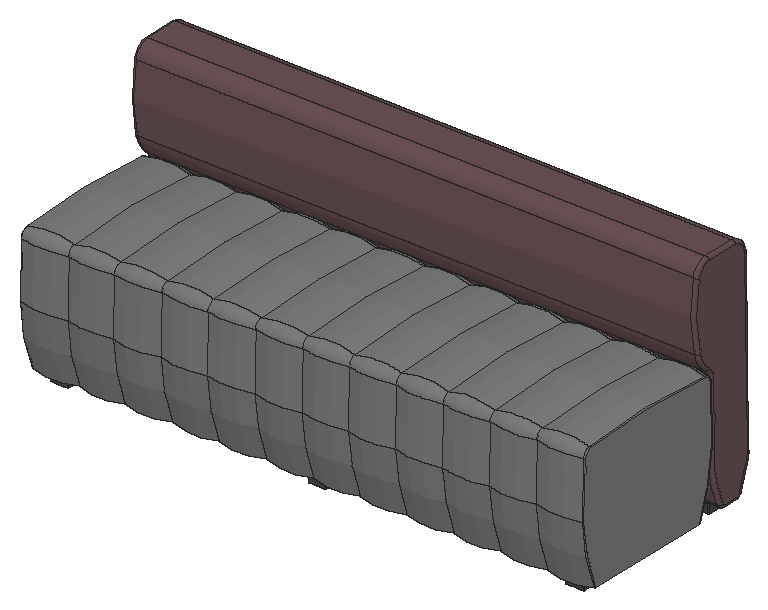
Revit family "Chair-Soft_Seating-Allermuir-Haven_Bench-HAB300B", category Furniture, Revit 2012
Parameters (values of type "HAB300B")
  ecoScorecard_data = "http://thesenatorgroup.ecoscorecard.com/product/HAB300B"
  ecoScorecard Product Page = "http://products.ecoscorecard.com/allermuir/HAB300B?action=html"
  Width = 0' - 0"
  Weight = 0.0 lbf
  Upholstered Seat = "No"
  Upholstered Back = "No"
  URL = "http://www.allermuir.net/Default.aspx"
  Subcategory = "Soft Seating"  # constant formula
  Stacks = no
  Specifications URL = ""
  Seat or Top = Fabric - Allermuir - Silcoates
  Product Page URL = "http://www.allermuir.net/Products.aspx?RangeId=495"
  Product Line = "Haven Bench"  # constant formula
  Pricing URL = ""
  Plugin Data URL = "http://products.ecoscorecard.com/thesenatorgroup/HAB300B"
  Plastic Arms in Black = "No"
  Model = "HAB300B"  # constant formula
  Manufacturer Phone - Toll Free = "(888) 887 5806"  # constant formula
  Manufacturer Phone = "(419) 887 5806"  # constant formula
  Manufacturer Fax = "(419) 887 5805"  # constant formula
  Manufacturer Email = "mailto:contact@allermuir-na.com"
  Manufacturer Address = "1630 Holland Road, Maumee, Ohio 43537 "  # constant formula
  Manufacturer = "Allermuir"  # constant formula
  LEED Stats URL = ""
  Height = 0' - 0"
  Fabric Spec Sheets = "http://www.allermuir.net/Services/File.ashx?Type=B&Id=51"
  Description = ""
  Depth = 0' - 0"
  Color Availability = "See price list for material options"  # constant formula
  CAD Blocks URL = ""
  Brochure URL = ""
  Base = Plastic - Allermuir - Black
  Back = Fabric - Allermuir - Upholstery - Velvet - Red 1
  Assembly Code = "E2020200"
  95 CSI = "12510"  # constant formula
  04 CSI = "12 51 00"  # constant formula
Reference planes
  plane 1 "Center Front/Back": y = 0
  plane 2: z = 0
  plane 3 "Center Left/Right": x = 0
  plane 4: y = 359.331
  plane 5: y = -323.637
  plane 6: z = 780.256
  plane 7: x = -912.479
  plane 8: x = 912.479
Dimensions and locks
  plane 4 to plane 5 = 2' - 2.88848"
  plane 6 to level = 2' - 6 23/32"  (x2)
  equal spacing: plane 7, plane 3 "Center Left/Right", plane 8
  plane 7 to plane 8 = 5' - 11.8487"
  aligned and locked: plane 3 "Center Left/Right" to nested 1
  aligned and locked: nested 1 to plane 4
  aligned and locked: plane 3 "Center Left/Right" to nested 2
  aligned and locked: plane 5 to nested 2
Nested families
  nested 1: "Back-Rest-HAB300B" at (0, 10.081, 0), type "HAB300B"
  nested 2: "HAB300B" at (0, -58.341, 0), type "HAB300B"
Definition of nested family "Back-Rest-HAB300B"
  Parameters (values of type "HAB300B")
    URL = ""
    Stand = Plastic - Allermuir - Black
    Model = ""
    Manufacturer = ""
    Description = ""
    Back Rest = Fabric - Allermuir - Upholstery - Velvet - Red 1
    Assembly Code = ""
  Reference planes
    plane 1 "Center Front/Back": y = 0
    plane 2: z = 0
    plane 3 "Center Left/Right": x = 0
    plane 4: z = 780.309
    plane 5: x = 726.514
    plane 6: x = -683.734
    plane 7: y = 349.25
    plane 8: y = -336.55
  Forms (mm)
    Sweep 1, solid, material "Fabric - Allermuir - Upholstery - Velvet - Red 1" <- "Back Rest"
      path origin (0, 0, 0) x (0, 1, 0) y (0, 0, 1)
        loop
          arc (287.786, 777.021) -> (233.759, 779.501) -> (179.717, 777.382) r 635.833
          arc (179.717, 777.382) -> (149.801, 764.438) -> (133.91, 735.977) r 50.8
          arc (133.91, 735.977) -> (124.881, 624.919) -> (138.426, 514.322) r 549.847
          arc (138.426, 514.322) -> (151.944, 480.888) -> (175.34, 453.444) r 112.578
          arc (175.34, 453.444) -> (187.228, 438.729) -> (192.908, 420.684) r 50.8
          arc (192.908, 420.684) -> (199.489, 321.271) -> (195.803, 221.708) r 966.766
          arc (195.803, 221.708) -> (199.73, 131.593) -> (227.054, 45.631) r 342.39
          arc (227.054, 45.631) -> (235.405, 35.683) -> (247.583, 31.165) r 25.4
          arc (247.583, 31.165) -> (270.869, 30.009) -> (294.161, 31.049) r 247.493
          arc (294.161, 31.049) -> (306.956, 35.934) -> (315.355, 46.754) r 25.4
          arc (315.355, 46.754) -> (330.686, 88.951) -> (342.72, 132.205) r 582.2
          arc (342.72, 132.205) -> (344.554, 142.103) -> (345.4, 152.134) r 101.6
          arc (345.4, 152.134) -> (347.534, 441.313) -> (333.961, 730.181) r 5322.758
          arc (333.961, 730.181) -> (319.477, 762.083) -> (287.786, 777.021) r 50.8
      profile origin (0, 233.759, 779.501) x (0, -0.003339, -0.999994) y (1, 0, 0)
        loop
          arc (-0.428, -889.595) -> (2.623, -896.962) -> (9.99, -900.013) r 10.418
          line (9.99, -900.013) -> (12.7, -900.013) -> (12.7, 900.013) -> (9.99, 900.013)
          arc (9.99, 900.013) -> (2.623, 896.962) -> (-0.428, 889.595) r 10.418
          line (-0.428, 889.595) -> (-0.428, -889.595)
    Extrusion 2, solid, material "Fabric - Allermuir - Upholstery - Velvet - Red 1" <- "Back Rest"
      sketch origin (747.457, 231.636, 143.672) x (0, 0.088309, 0.996093) y (0, -0.996093, 0.088309)
        loop
          arc (580.167, 137.007) -> (471.319, 136.212) -> (364.867, 113.49) r 537.147
          arc (364.867, 113.49) -> (336.38, 98.924) -> (313.96, 76.099) r 99.878
          arc (313.96, 76.099) -> (296.95, 59.672) -> (275.109, 50.608) r 63.5
          arc (275.109, 50.608) -> (175.372, 35.073) -> (74.565, 29.885) r 979.466
          arc (74.565, 29.885) -> (-11.534, 18.455) -> (-91.661, -15.062) r 329.69
          arc (-91.661, -15.062) -> (-96.247, -19.661) -> (-97.959, -25.925) r 12.7
          arc (-97.959, -25.925) -> (-97.101, -48.027) -> (-94.167, -69.95) r 234.793
          arc (-94.167, -69.95) -> (-91.169, -76.107) -> (-85.409, -79.812) r 12.7
          arc (-85.409, -79.812) -> (-42.969, -91.105) -> (0.214, -99.094) r 569.5
          arc (0.214, -99.094) -> (8.983, -99.928) -> (17.792, -99.89) r 88.9
          arc (17.792, -99.89) -> (305.342, -76.535) -> (591.199, -37.598) r 5310.058
          arc (591.199, -37.598) -> (614.072, -24.665) -> (623.133, 0) r 38.1
          arc (623.133, 0) -> (620.879, 52.956) -> (614.133, 105.528) r 623.133
          arc (614.133, 105.528) -> (602.481, 127.02) -> (580.167, 137.007) r 38.1
      from -1647.471 to 152.556
  Cuts and joins
    joined: Sweep 1, Extrusion 2
  Lines and regions (mm)
    symbolic lines, style "Sofa"
      curve 1: line (889.61, 349.022, 0) -> (-889.651, 349.022, 0)
      curve 2: line (900.006, 338.627, 0) -> (900.006, 134.666, 0)
      curve 3: line (889.72, 124.381, 0) -> (-889.728, 124.381, 0)
      curve 4: line (-900.006, 134.659, 0) -> (-900.006, 338.667, 0)
      curve 5: arc (900.006, 338.627, 0) -> (896.961, 345.978, 0) -> (889.61, 349.022, 0) r 10.395
      curve 6: arc (900.006, 134.666, 0) -> (896.993, 127.393, 0) -> (889.72, 124.381, 0) r 10.285
      curve 7: arc (-889.728, 124.381, 0) -> (-896.995, 127.391, 0) -> (-900.006, 134.659, 0) r 10.278
      curve 8: arc (-900.006, 338.667, 0) -> (-896.973, 345.989, 0) -> (-889.651, 349.022, 0) r 10.355
  Dimensions and locks
    plane 4 to level = 2' - 6.72084"
    plane 6 to plane 5 = 4' - 7.5216"
    plane 8 to plane 7 = 2' - 3"
    aligned and locked: Sweep 1 to Extrusion 2
    aligned and locked: Extrusion 2 to Sweep 1
  Nested families
    nested 1: "Leg" at (-823.888, 271.649, 0), type "PSM102"
    nested 2: "Leg" at (0, 272.214, 0), type "PSM102"
    nested 3: "Leg" at (822.454, 272.414, 0), type "PSM102"
  Definition of nested family "Leg"
    Parameters (values of type "PSM102")
      URL = ""
      Stand = none
      Stacks = no
      Model = ""
      Manufacturer = ""
      Description = ""
      Assembly Code = "E2020200"
    Reference planes
      plane 1 "Center Front/Back": y = 0
      plane 2: z = 0
      plane 3 "Center Left/Right": x = 0
      plane 4: z = 30
      plane 5: through (42.717, 1524.892, 1219.2) normal (1, -0.0075, 0)
      plane 6: through (-1525.181, 42.166, 1219.2) normal (0.0075, 1, 0)
      plane 7: through (-19.17, 1524.892, 1219.2) normal (1, -0.0075, 0)
      plane 8: through (-1525.181, -19.721, 1219.2) normal (0.0075, 1, 0)
    Forms (mm)
      Blend 1, solid, material <- "Stand"
        base sketch origin (0, 0, 0) x (1, 0, 0) y (0, 1, 0)
          loop
            arc (-26.682, 29.891) -> (-28.652, 29.092) -> (-29.481, 27.133) r 2.778
            line (-29.481, 27.133) -> (-29.891, -27.235)
            arc (-29.891, -27.235) -> (-29.092, -29.205) -> (-27.133, -30.034) r 2.778
            line (-27.133, -30.034) -> (27.235, -30.444)
            arc (27.235, -30.444) -> (29.205, -29.645) -> (30.034, -27.687) r 2.778
            line (30.034, -27.687) -> (30.444, 26.682)
            arc (30.444, 26.682) -> (29.645, 28.652) -> (27.687, 29.481) r 2.778
            line (27.687, 29.481) -> (-26.682, 29.891)
        top sketch origin (0, 0, 0) x (1, 0, 0) y (0, 1, 0)
          loop
            arc (31.431, 27.654) -> (30.632, 29.625) -> (28.674, 30.453) r 2.778
            line (28.674, 30.453) -> (-27.654, 30.878)
            arc (-27.654, 30.878) -> (-29.625, 30.079) -> (-30.453, 28.121) r 2.778
            line (-30.453, 28.121) -> (-30.878, -28.207)
            arc (-30.878, -28.207) -> (-30.079, -30.178) -> (-28.121, -31.006) r 2.778
            line (-28.121, -31.006) -> (28.207, -31.431)
            arc (28.207, -31.431) -> (30.178, -30.632) -> (31.006, -28.674) r 2.778
            line (31.006, -28.674) -> (31.431, 27.654)
        from 0 to 30
    Dimensions and locks
      locked: plane 7 to plane 5 at 61.886
      locked: plane 6 to plane 8 at 61.886
      locked: plane 4 to level at 30
Definition of nested family "HAB300B"
  Parameters (values of type "HAB300B")
    URL = "http://www.allermuir.net/Default.aspx"
    Stand = Plastic - Allermuir - Black
    Side Stand = Metal - Allermuir - Chrome - Polished
    Seat = Fabric - Allermuir - Silcoates
    Model = "HAB100"
    Manufacturer = "Allermuir"  # constant formula
    Description = ""
    Assembly Code = "E2020200"
  Reference planes
    plane 1 "Center Front/Back": y = 0
    plane 2: z = 0
    plane 3 "Center Left/Right": x = 0
    plane 4: y = 278.492
    plane 5: y = -265.296
    plane 6: z = 466.328
    plane 7: x = -899.878
    plane 8: x = 899.878
  Forms (mm)
    Sweep 1, solid, material "Fabric - Allermuir - Silcoates" <- "Seat"
      path origin (0, 0, 0) x (0, 1, 0) y (0, 0, 1)
        loop
          arc (228.945, 24.408) -> (262.215, 126.767) -> (276.965, 233.381) r 609.6
          arc (276.965, 233.381) -> (278.479, 325.472) -> (273.982, 417.465) r 1411.053
          arc (273.982, 417.465) -> (262.719, 442.368) -> (238.222, 454.489) r 40.603
          arc (238.222, 454.489) -> (7.264, 468.236) -> (-223.765, 455.728) r 2038.86
          arc (-223.765, 455.728) -> (-248.079, 443.981) -> (-259.64, 419.577) r 40.58
          arc (-259.64, 419.577) -> (-265.536, 328.435) -> (-264.387, 237.109) r 1183.48
          arc (-264.387, 237.109) -> (-249.246, 128.613) -> (-215.454, 24.408) r 627.008
      profile origin (0, 7.264, 468.236) x (0, -0.002682, -0.999996) y (1, 0, 0)
        loop
          arc (13.094, -747.478) -> (2.01, -822.435) -> (13.359, -897.353) r 255.942
          arc (13.359, -897.353) -> (14.723, -899.276) -> (16.962, -900.013) r 3.77
          line (16.962, -900.013) -> (18.056, -900.013) -> (18.056, 900.013) -> (16.964, 900.013)
          arc (16.964, 900.013) -> (14.725, 899.276) -> (13.361, 897.353) r 3.77
          arc (13.361, 897.353) -> (2.01, 822.436) -> (13.092, 747.478) r 255.942
          arc (13.092, 747.478) -> (2.009, 672.942) -> (13.113, 598.41) r 255.942
          arc (13.113, 598.41) -> (2.01, 523.394) -> (13.375, 448.417) r 255.942
          arc (13.375, 448.417) -> (2.01, 373.433) -> (13.117, 298.411) r 255.942
          arc (13.117, 298.411) -> (2.01, 223.387) -> (13.376, 148.403) r 255.942
          arc (13.376, 148.403) -> (2.013, 74.256) -> (12.634, 0) r 255.942
          arc (12.634, 0) -> (2.026, -75.93) -> (14.383, -151.596) r 255.942
          arc (14.383, -151.596) -> (2.037, -226.43) -> (12.165, -301.596) r 255.942
          arc (12.165, -301.596) -> (2.037, -376.765) -> (14.384, -451.601) r 255.942
          arc (14.384, -451.601) -> (2.038, -526.433) -> (12.163, -601.598) r 255.942
          arc (12.163, -601.598) -> (2.015, -674.606) -> (13.094, -747.478) r 255.942
    Extrusion 2, solid, material "Fabric - Allermuir - Silcoates" <- "Seat"
      sketch origin (0, 0, 0) x (0, 1, 0) y (0, 0, 1)
        loop
          line (-198.21, 30) -> (211.698, 30)
          arc (211.698, 30) -> (244.436, 130.024) -> (258.93, 234.267) r 591.544
          arc (258.93, 234.267) -> (260.425, 325.179) -> (255.986, 415.995) r 1392.996
          arc (255.986, 415.995) -> (249.731, 429.823) -> (236.128, 436.554) r 22.547
          arc (236.128, 436.554) -> (7.216, 450.18) -> (-221.767, 437.783) r 2020.803
          arc (-221.767, 437.783) -> (-235.263, 431.263) -> (-241.679, 417.717) r 22.524
          arc (-241.679, 417.717) -> (-247.486, 327.965) -> (-246.354, 238.033) r 1165.423
          arc (-246.354, 238.033) -> (-231.472, 131.89) -> (-198.21, 30) r 608.951
      from -900.013 to 900.013
  Cuts and joins
    joined: Sweep 1, Extrusion 2
  Lines and regions (mm)
    symbolic lines, style "Sofa"
      curve 1: line (-747.478, -252.839, 0) -> (-747.478, 192.676, 0)
      curve 2: line (-601.598, -253.776, 0) -> (-601.598, 192.676, 0)
      curve 3: line (-451.601, -251.548, 0) -> (-451.601, 192.676, 0)
      curve 4: line (-301.596, -253.768, 0) -> (-301.596, 192.676, 0)
      curve 5: line (-151.596, -251.553, 0) -> (-151.596, 192.676, 0)
      curve 6: line (0, -253.297, 0) -> (0, 192.676, 0)
      curve 7: line (148.403, -252.561, 0) -> (148.403, 192.676, 0)
      curve 8: line (298.411, -252.561, 0) -> (298.411, 192.676, 0)
      curve 9: line (448.417, -252.561, 0) -> (448.417, 192.676, 0)
      curve 10: line (598.41, -252.823, 0) -> (598.41, 192.676, 0)
      curve 11: line (747.478, -252.823, 0) -> (747.478, 192.676, 0)
      curve 12: line (-900.027, 204.959, 0) -> (-900.027, -248.776, 0)
      curve 13: line (900.027, 204.959, 0) -> (900.027, -248.934, 0)
      curve 14: arc (-747.478, -252.839, 0) -> (-822.204, -264.029, 0) -> (-896.945, -252.935, 0) r 256.199
      curve 15: arc (-601.598, -253.776, 0) -> (-674.607, -264.106, 0) -> (-747.478, -252.839, 0) r 251.756
      curve 16: arc (-601.598, -253.776, 0) -> (-526.433, -263.867, 0) -> (-451.601, -251.548, 0) r 256.618
      curve 17: arc (-451.601, -251.548, 0) -> (-376.765, -263.921, 0) -> (-301.596, -253.768, 0) r 255.381
      curve 18: arc (-301.596, -253.768, 0) -> (-226.43, -263.906, 0) -> (-151.596, -251.553, 0) r 255.755
      curve 19: arc (-151.596, -251.553, 0) -> (-75.929, -263.838, 0) -> (0, -253.297, 0) r 257.42
      curve 20: arc (0, -253.297, 0) -> (74.256, -263.978, 0) -> (148.403, -252.561, 0) r 254.698
      curve 21: arc (148.403, -252.561, 0) -> (223.407, -263.94, 0) -> (298.411, -252.561, 0) r 252.889
      curve 22: arc (448.417, -252.561, 0) -> (373.414, -264.022, 0) -> (298.411, -252.561, 0) r 251.144
      curve 23: arc (448.417, -252.561, 0) -> (523.394, -263.707, 0) -> (598.41, -252.823, 0) r 260.833
      curve 24: arc (598.41, -252.823, 0) -> (672.944, -263.949, 0) -> (747.478, -252.823, 0) r 255.216
      curve 25: arc (747.478, -252.823, 0) -> (822.38, -263.858, 0) -> (897.26, -252.669, 0) r 257.916
      curve 26: arc (897.26, -252.669, 0) -> (899.26, -251.258, 0) -> (900.027, -248.934, 0) r 3.904
      curve 27: arc (-896.945, -252.935, 0) -> (-899.172, -251.364, 0) -> (-900.027, -248.776, 0) r 4.347
  Dimensions and locks
    plane 4 to plane 5 = 1' - 9.40899"
    plane 6 to level = 1' - 6 23/64"
    locked: plane 7 to plane 8 at 1799.755
    aligned and locked: plane 3 "Center Left/Right" to nested 2
    aligned and locked: plane 3 "Center Left/Right" to nested 5
    aligned and locked: nested 1 to level
    aligned and locked: nested 2 to level
    aligned and locked: nested 4 to plane 2
    aligned and locked: nested 3 to plane 2
    aligned and locked: nested 5 to plane 2
    aligned and locked: nested 6 to plane 2
    aligned and locked: Extrusion 2 sketch curve to Sweep 1  (x7)
  Nested families
    nested 1: "Leg" at (-824.583, 174.511, 0), type "PSM102"
    nested 2: "Leg" at (0, 174.511, 0), type "PSM102"
    nested 3: "Leg" at (-824.118, -158.14, 0), type "PSM102"
    nested 4: "Leg" at (823.175, 174.511, 0), type "PSM102"
    nested 5: "Leg" at (0, -158.14, 0), type "PSM102"
    nested 6: "Leg" at (823.528, -158.934, 0), type "PSM102"
  Definition of nested family "Leg"
    Parameters (values of type "PSM102")
      URL = ""
      Stand = none
      Stacks = no
      Model = ""
      Manufacturer = ""
      Description = ""
      Assembly Code = "E2020200"
    Reference planes
      plane 1 "Center Front/Back": y = 0
      plane 2: z = 0
      plane 3 "Center Left/Right": x = 0
      plane 4: z = 30
      plane 5: through (42.717, 1524.892, 1219.2) normal (1, -0.0075, 0)
      plane 6: through (-1525.181, 42.166, 1219.2) normal (0.0075, 1, 0)
      plane 7: through (-19.17, 1524.892, 1219.2) normal (1, -0.0075, 0)
      plane 8: through (-1525.181, -19.721, 1219.2) normal (0.0075, 1, 0)
    Forms (mm)
      Blend 1, solid, material <- "Stand"
        base sketch origin (0, 0, 0) x (1, 0, 0) y (0, 1, 0)
          loop
            arc (-26.682, 29.891) -> (-28.652, 29.092) -> (-29.481, 27.133) r 2.778
            line (-29.481, 27.133) -> (-29.891, -27.235)
            arc (-29.891, -27.235) -> (-29.092, -29.205) -> (-27.133, -30.034) r 2.778
            line (-27.133, -30.034) -> (27.235, -30.444)
            arc (27.235, -30.444) -> (29.205, -29.645) -> (30.034, -27.687) r 2.778
            line (30.034, -27.687) -> (30.444, 26.682)
            arc (30.444, 26.682) -> (29.645, 28.652) -> (27.687, 29.481) r 2.778
            line (27.687, 29.481) -> (-26.682, 29.891)
        top sketch origin (0, 0, 0) x (1, 0, 0) y (0, 1, 0)
          loop
            arc (31.431, 27.654) -> (30.632, 29.625) -> (28.674, 30.453) r 2.778
            line (28.674, 30.453) -> (-27.654, 30.878)
            arc (-27.654, 30.878) -> (-29.625, 30.079) -> (-30.453, 28.121) r 2.778
            line (-30.453, 28.121) -> (-30.878, -28.207)
            arc (-30.878, -28.207) -> (-30.079, -30.178) -> (-28.121, -31.006) r 2.778
            line (-28.121, -31.006) -> (28.207, -31.431)
            arc (28.207, -31.431) -> (30.178, -30.632) -> (31.006, -28.674) r 2.778
            line (31.006, -28.674) -> (31.431, 27.654)
        from 0 to 30
    Dimensions and locks
      locked: plane 7 to plane 5 at 61.886
      locked: plane 6 to plane 8 at 61.886
      locked: plane 4 to level at 30
